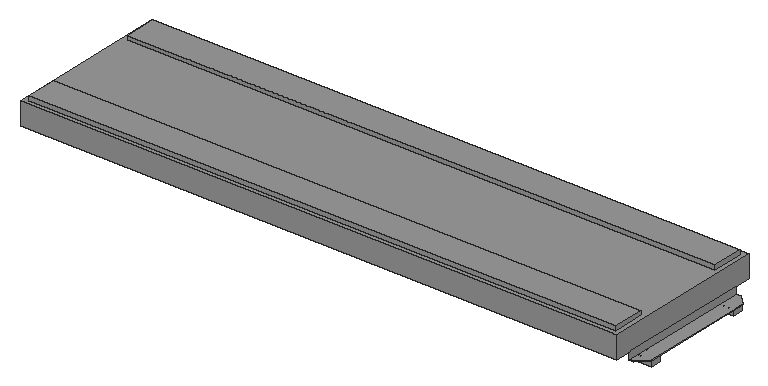
Revit family "44058", category Lighting Fixtures, host Face, Revit 2018
Family settings
  Host = Face
  Round Connector Dimension = Use Diameter
  Part Type = Normal
  OmniClass Number = 23.80.70.00
  OmniClass Title = Lighting
  Cut with Voids When Loaded = No
  Light Source = Yes
  Shared = No
  Room Calculation Point = No
Parameters (values of type "0044058 SPORTSBAY 12KLM 840")
  box length = 1160 mm
  Width = 320 mm
  Weight = "n/a"
  Wattage Comments = ""
  Wattage = 9.2903 W
  WarrantyStartDate [instance] = "n/a"
  WarrantyGuarantorParts = "n/a"
  WarrantyDurationUnit = "n/a"
  WarrantyDurationParts = ""
  WarrantyDescription = "http://www.sylvania-lighting.com"
  built-in parameter 1150110 = 1 (stored number, unit not read)
  Voltage = 0 V
  URL = "0.96"
  TypeName = "Sportsbay 12klm 840"
  Type Image = <None>
  Type Comments = "n/a"
  built-in parameter 1114217 = 1 (stored number, unit not read)
  Tilt Angle = -90.00°
  built-in parameter 1150109 = 1 (stored number, unit not read)
  built-in parameter 1150134 = 3
  built-in parameter 1150113 = 1 (stored number, unit not read)
  SerialNumber [instance] = "n/a"
  Photometric Web File = "0044058.IES"
  Material_3_SYL = none
  PowerFactor = 0
  PowerConsumption = "Lighting"
  NominalLength = 320 mm
  NominalHeight = 76 mm
  NominalDepth = 320 mm
  Name = "Sportsbay 12klm 840"
  ModelReference = Name  # "Sportsbay 12klm 840"
  ModelNumber = "0044058"
  Model = Name  # "Sportsbay 12klm 840"
  Material = "Feilo Sylvania"
  ManufacturerName = "158 lm/W"
  Manufacturer = ""
  LuminousEfficacy = ""
  built-in parameter 1150105 = 109.82 (stored number, unit not read)
  Lumens = 1380 lm
  LuminaireType = "0"
  built-in parameter 1150115 = 1 (stored number, unit not read)
  LightOutputRatio = "LED"
  built-in parameter 1150137 = (empty or 0)
  built-in parameter 1150139 = (empty or 0)
  Length = 1220 mm
  LampsType = Lamp  # "n/a"
  LampNominalLuminous = "4000 K"
  LampMacAdamStep = "80"
  LampColourTemperature = "LED"
  LampColourRenderingIndex = "16500"
  built-in parameter 1150112 = 1 (stored number, unit not read)
  built-in parameter 1150114 = 1 (stored number, unit not read)
  Lamp = "n/a"
  Keynote = "n/a"
  InstallationDate [instance] = "n/a"
  InputVoltage = "0"
  InputNominalFrequency = "4000"
  built-in parameter 1150132 = (empty or 0)
  built-in parameter 1150102 = (empty or 0)
  built-in parameter 1150107 = 3200 (stored number, unit not read)
  built-in parameter 1150138 = (empty or 0)
  IngressProtection = "IfcLightFixtureType"
  ImpactProtectionIndex = "IfcLightFixtureType"
  built-in parameter 1150106 = 1.0982 (stored number, unit not read)
  IfcExportType = "IfcLightFixtureType"
  IfcExportAs = "Class I"
  Height = 76 mm
  Emit from Circle Diameter = 609.6 mm
  Emit Shape Visible in Rendering = no
  ElectricShockClassification = "158"
  built-in parameter 1150104 = 13.8 (stored number, unit not read)
  DocumentationLiterature = "http://www.sylvania-lighting.com/product/en-int/products/0044058"
  DimmingControlOptions = "n/a"
  Material_2_SYL = none
  Dimming Lamp Color Temperature Shift = <None>
  Description = ""
  Default Elevation = 1219.2 mm
  CreatedOn = "26/09/2023"
  CreatedBy = "@sylvania-lighting.com"
  Cost = 0
  Color Filter = 16777215
  built-in parameter 1114216 [instance] = (empty or 0)
  ClassificationValue = "EF_70_80"
  ClassificationName = "Uniclass2015"
  Material_1_SYL = none
  BarCode [instance] = "n/a"
  built-in parameter 1114218 = 1 (stored number, unit not read)
  built-in parameter 1150133 = 10 (stored number, unit not read)
  AssetType = "Fixed"
  AssetIdentifier [instance] = "n/a"
  Assembly Code = "D5020200"
  Apparent Load = 81 VA
  Material_4_SYL = none
Reference planes
  plane 1 "Center (Front/Back)": y = 0
  plane 2: z = 0
  plane 3 "Center (Left/Right)": x = 0
  plane 4: x = -610
  plane 5: x = 610
  plane 6: y = 160
  plane 7: y = -160
  plane 8: z = 76
  plane 9: z = 1
  plane 10: y = 130
  plane 11: y = -130
  plane 12: x = -580
  plane 13: x = -590
  plane 14: y = 110
  plane 15: y = -110
  plane 16: x = -590
  plane 17: x = -581
  plane 18: z = 11
  plane 19: z = 68
  plane 20: z = 25
  plane 21: x = 590
  plane 22: x = -608.5
  plane 23: y = 90
  plane 24: x = -583.5
  plane 25: x = -571
  plane 26: x = 571
  plane 27: y = 151
  plane 28: y = 90
Forms (mm)
  Extrusion 1, solid, material "Aluminum", detail levels medium+fine
    sketch origin (0, 0, 0) x (1, 0, 0) y (0, 1, 0)
      loop
        line (-590, 130) -> (-610, 110) -> (-610, -110) -> (-590, -130) -> (-580, -130) -> (-580, 130) -> (-590, 130)
    from 11 to 12
  Extrusion 2, solid, material "Aluminum", detail levels medium+fine
    sketch origin (0, 0, 0) x (1, 0, 0) y (0, 1, 0)
      loop
        line (-581, 130) -> (-581, -130) -> (-580, -130) -> (-580, 130) -> (-581, 130)
    from 11 to 25
  Extrusion 3, solid, material "Aluminum", detail levels medium+fine
    sketch origin (0, 0, 0) x (-1, 0, 0) y (0, -1, 0)
      loop
        line (-590, -130) -> (-580, -130) -> (-580, 130) -> (-590, 130) -> (-610, 110) -> (-610, -110) -> (-590, -130)
    from 11 to 12
  Extrusion 4, solid, material "Aluminum", detail levels medium+fine
    sketch origin (0, 0, 0) x (-1, 0, 0) y (0, -1, 0)
      loop
        line (-581, -130) -> (-580, -130) -> (-580, 130) -> (-581, 130) -> (-581, -130)
    from 11 to 25
  Extrusion 5, solid, material "Aluminum", detail levels medium+fine
    sketch origin (1524, -324.9, 1219.2) x (1, 0, 0) y (0, 0, 1)
      loop
        line (-943, -1151.2) -> (-2105, -1151.2) -> (-2105, -1194.2) -> (-943, -1194.2) -> (-943, -1151.2)
    from -484.9 to -164.9
  Extrusion 6, solid, material "Aluminum", detail levels medium+fine
    sketch origin (0, 0, 0) x (1, 0, 0) y (0, 1, 0)
      loop
        line (-608.5, 110) -> (-608.5, 90) -> (-583.5, 90) -> (-583.5, 110) -> (-608.5, 110)
    from 0 to 11
  Extrusion 7, solid, material "Aluminum", detail levels medium+fine
    sketch origin (0, 0, 0) x (1, 0, 0) y (0, 1, 0)
      loop
        line (-608.5, -110) -> (-583.5, -110) -> (-583.5, -90) -> (-608.5, -90) -> (-608.5, -110)
    from 0 to 11
  Extrusion 8, solid, material "Aluminum", detail levels medium+fine
    sketch origin (0, 0, 0) x (-1, 0, 0) y (0, -1, 0)
      loop
        line (-608.5, -110) -> (-583.5, -110) -> (-583.5, -90) -> (-608.5, -90) -> (-608.5, -110)
    from 0 to 11
  Extrusion 9, solid, material "Aluminum", detail levels medium+fine
    sketch origin (0, 0, 0) x (-1, 0, 0) y (0, -1, 0)
      loop
        line (-608.5, 110) -> (-608.5, 90) -> (-583.5, 90) -> (-583.5, 110) -> (-608.5, 110)
    from 0 to 11
  Extrusion 10, solid, material "Glass, White, High Luminance", detail levels fine
    sketch origin (0, 0, 0) x (1, 0, 0) y (0, 1, 0)
      loop
        line (-571, 151) -> (-571, 90) -> (571, 90) -> (571, 151) -> (-571, 151)
    from 68 to 76
  Extrusion 11, solid, material "Glass, White, High Luminance", detail levels fine
    sketch origin (0, 0, 0) x (1, 0, 0) y (0, 1, 0)
      loop
        line (-571, -151) -> (571, -151) -> (571, -90) -> (-571, -90) -> (-571, -151)
    from 68 to 76
  Extrusion 12, solid, detail levels coarse
    sketch origin (0, 0, 0) x (1, 0, 0) y (0, 1, 0)
      loop
        line (-610, 160) -> (-610, -160) -> (610, -160) -> (610, 160) -> (-610, 160)
    from 0 to 76
Dimensions and locks
  equal spacing: plane 4, plane 3 "Center (Left/Right)", plane 5
  equal spacing: plane 6, plane 1 "Center (Front/Back)", plane 7
  plane 3 "Center (Left/Right)" to Extrusion 5 = 581 mm
  "Length": plane 4 to plane 5
  "Width": plane 6 to plane 7
  "Height": plane 8 to level
  aligned and locked: plane 2 to host face
  aligned and locked: level to host face
Automatic sketch dimensions
  host sketch curve to host sketch curve = 2438.4 mm  (x2)
  Extrusion 1 sketch curve to plane 4 = 0 mm
  Extrusion 1 sketch curve to plane 10 = 0 mm
  Extrusion 1 sketch curve to plane 13 = 0 mm  (x2)
  Extrusion 1 sketch curve to plane 11 = 0 mm
  Extrusion 1 sketch curve to plane 12 = 0 mm
  Extrusion 1 sketch curve to plane 15 = 0 mm
  Extrusion 1 sketch curve to plane 14 = 0 mm
  Extrusion 2 sketch curve to plane 11 = 0 mm
  Extrusion 2 sketch curve to plane 17 = 0 mm
  Extrusion 2 sketch curve to plane 12 = 0 mm
  Extrusion 2 sketch curve to plane 10 = 0 mm
  Extrusion 3 sketch curve to plane 5 = 0 mm
  Extrusion 3 sketch curve to plane 10 = 0 mm
  Extrusion 3 sketch curve to plane 21 = 0 mm  (x2)
  Extrusion 3 sketch curve to plane 11 = 0 mm
  Extrusion 3 sketch curve to plane 15 = 0 mm
  Extrusion 3 sketch curve to plane 14 = 0 mm
  Extrusion 3 sketch curve to plane 26 = 9 mm
  Extrusion 4 sketch curve to plane 11 = 0 mm
  Extrusion 4 sketch curve to plane 10 = 0 mm
  plane 21 to Extrusion 4 sketch curve = 9 mm
  Extrusion 4 sketch curve to Extrusion 4 sketch curve = 1 mm
  Extrusion 5 sketch curve to plane 17 = 0 mm
  Extrusion 5 sketch curve to plane 20 = 0 mm
  Extrusion 5 sketch curve to plane 19 = 0 mm
  Extrusion 5 sketch curve to plane 21 = 9 mm
  Extrusion 6 sketch curve to plane 22 = 0 mm
  Extrusion 6 sketch curve to plane 23 = 0 mm
  Extrusion 6 sketch curve to plane 24 = 0 mm
  Extrusion 6 sketch curve to plane 14 = 0 mm
  Extrusion 7 sketch curve to plane 22 = 0 mm
  Extrusion 7 sketch curve to plane 24 = 0 mm
  Extrusion 7 sketch curve to plane 15 = 0 mm
  Extrusion 7 sketch curve to plane 15 = 20 mm
  plane 23 to Extrusion 8 sketch curve = 0 mm
  Extrusion 8 sketch curve to plane 14 = 0 mm
  plane 5 to Extrusion 8 sketch curve = 1.5 mm
  plane 21 to Extrusion 8 sketch curve = 6.5 mm
  Extrusion 9 sketch curve to plane 15 = 0 mm
  Extrusion 9 sketch curve to plane 5 = 1.5 mm
  Extrusion 9 sketch curve to plane 21 = 6.5 mm
  Extrusion 9 sketch curve to Extrusion 9 sketch curve = 20 mm
  Extrusion 10 sketch curve to plane 23 = 0 mm
  Extrusion 10 sketch curve to plane 25 = 0 mm
  Extrusion 10 sketch curve to plane 26 = 0 mm
  Extrusion 10 sketch curve to plane 27 = 0 mm
  Extrusion 11 sketch curve to plane 25 = 0 mm
  Extrusion 11 sketch curve to plane 26 = 0 mm
  Extrusion 11 sketch curve to plane 15 = 20 mm
  Extrusion 11 sketch curve to plane 7 = 9 mm
  Extrusion 12 sketch curve to plane 4 = 0 mm
  Extrusion 12 sketch curve to plane 5 = 0 mm
  Extrusion 12 sketch curve to plane 7 = 0 mm
  Extrusion 12 sketch curve to plane 6 = 0 mm
Connectors
  electrical at (0, 0, 0), driven by "Apparent Load", driven by "PowerFactor", driven by "Voltage"
    settings: index 1, voltage 0 V, apparent load 81 VA, apparent load phase1 0 VA, apparent load phase2 0 VA, apparent load phase3 0 VA, power factor 0, load classification "Lighting", number of poles 1, system type 30, power factor state 1, is connector primary yes, connector utility no, sub classification motor no, connector description ""
